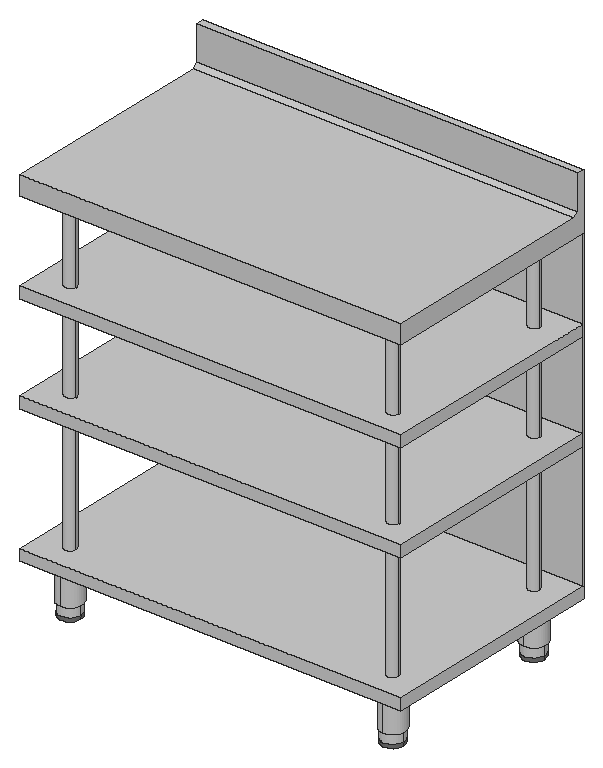
Revit family "QF_INFRICO_ME601000_250818112843", category Specialty Equipment, Revit 2021
Family settings
  Round Connector Dimension = Use Diameter
  Part Type = Normal
  OmniClass Number = 23.40.40.14
  OmniClass Title = Food Service Equipment
  Work Plane-Based = No
  Always vertical = Yes
  Cut with Voids When Loaded = No
  Shared = No
  Room Calculation Point = No
Parameters (values of type "ME601000")
  Weight [instance] = 44.00 kg
  Warranty Start Date [instance] = ""
  Warranty Duration [instance] = ""
  URL Recommended Spares List [instance] = ""
  URL Manufacturer [instance] = ""
  URL Cutsheet [instance] = ""
  URL Critical Spares List [instance] = ""
  URL = "www.infrico.com"
  Technical Documentation [instance] = ""
  Tag Number [instance] = ""
  Status [instance] = ""
  Specification by User [instance] = ""
  Specification by Manufacturer [instance] = ""
  Sound Level [instance] = ""
  Show Logo [instance] = yes
  Show Clearances [instance] = yes
  Service Life Duration [instance] = ""
  Serial Number [instance] = ""
  Seismic Rating [instance] = ""
  SMACNA No [instance] = ""
  Revision Code [instance] = ""
  Revision [instance] = ""
  Production Year [instance] = ""
  Point Load [instance] = 0
  Other Equipment Approvals [instance] = ""
  NAFEM Spec ID Number [instance] = ""
  Model Warning [instance] = ""
  Model = "ME601000"
  Masterspec [instance] = ""
  Manufacturer = "INFRICO"
  Length Actual [instance] = 1000 mm
  Item Number [instance] = ""
  Installed By [instance] = ""
  Installation Date [instance] = ""
  Identify Quantity as Lot [instance] = no
  ID [instance] = ""
  Hygiene Approval [instance] = ""
  Height Actual [instance] = 1050 mm
  Furnished By [instance] = ""
  Foodservice Equipment Identifier [instance] = no
  ETL Approved [instance] = no
  Description = "SHELF UNIT AND WORKING TABLE - ME SERIES"
  Depth Actual [instance] = 600 mm
  Default Elevation = 0 mm
  Cost = 0
  CSI MasterFormat [instance] = ""
  CE Approved [instance] = no
  Barcode [instance] = 0
  Author [instance] = ""
  Asset Identifier [instance] = ""
  Accessory [instance] = no
Reference planes
  plane 1 "Center (Front/Back)": y = 0
  plane 2: z = 0
  plane 3 "Center (Left/Right)": x = 0
Dimensions and locks
  aligned and locked: level to plane 2
Nested families
  nested 1: "QF_INFRICO_ME601000_2920" at (0, 0, 0), type "ME601000"
    with Weight 44.00 kg, Warranty Start Date "", Warranty Duration "", URL Cutsheet "", Technical Documentation "", Tag Number "", Status "", Specification by User "", Specification by Manufacturer "", Sound Level "", Solid Fuel Type "", Show Logo yes, Show Clearances yes, Show Clearance yes, Service Life Duration "", Serial Number "", Seismic Rating "", SMACNA No "", Revision Code "", Revision "", Production Year "", Point Load 0, Other Equipment Approvals "", NAFEM Spec ID Number "", Model Warning "", Masterspec "", Length Actual 1000 mm, Item Number "", Installed By "", Installation Date "", Identify Quantity as Lot yes, ID "", Hygiene Approval "", Height Actual 1050 mm, Furnished By "", Foodservice Equipment Identifier yes, ETL Approved yes, Depth Actual 600 mm, CSI MasterFormat "", CE Approved no, Barcode "", Author "", Asset Identifier "", Accessory no
  nested 2: "QF_INFRICO_WORKTOP_BACKSPLASH_3811" at (0, 0, 990), type "BKSP10_60"
    with Weight 0.00 kg, Warranty Start Date "", Warranty Duration "", URL Cutsheet "", Technical Documentation "", Tag Number "", Status "", Specification by User "", Specification by Manufacturer "", Sound Level "", Solid Fuel Type "", Show Logo yes, Show Clearances yes, Show Clearance yes, Service Life Duration "", Serial Number "", Seismic Rating "", SMACNA No "", Revision Code "", Revision "", Production Year "", Point Load 0, Other Equipment Approvals "", NAFEM Spec ID Number "", Model Warning "", Masterspec "", Length Actual 1000 mm, Item Number "", Installed By "", Installation Date "", Identify Quantity as Lot yes, ID "", Hygiene Approval "", Height Actual 150 mm, Furnished By "", Foodservice Equipment Identifier yes, ETL Approved yes, Depth Actual 600 mm, CSI MasterFormat "", CE Approved no, Barcode "", Author "", Asset Identifier "", Accessory yes
Definition of nested family "QF_INFRICO_ME601000_2920"
  Parameters (values of type "ME601000")
    Weight [instance] = 0.00 kg
    Warranty Start Date [instance] = ""
    Warranty Duration [instance] = ""
    URL Cutsheet [instance] = ""
    URL = "www.infrico.com"
    Technical Documentation [instance] = ""
    Tag Number [instance] = ""
    Status [instance] = ""
    Specification by User [instance] = ""
    Specification by Manufacturer [instance] = ""
    Sound Level [instance] = ""
    Solid Fuel Type [instance] = ""
    Show Logo [instance] = yes
    Show Clearances [instance] = yes
    Show Clearance [instance] = yes
    Service Life Duration [instance] = ""
    Serial Number [instance] = ""
    Seismic Rating [instance] = ""
    SMACNA No [instance] = ""
    Revision Code [instance] = ""
    Revision [instance] = ""
    Production Year [instance] = ""
    Point Load [instance] = 0
    Other Equipment Approvals [instance] = ""
    NAFEM Spec ID Number [instance] = ""
    Model Warning [instance] = ""
    Model = "ME601000"
    Masterspec [instance] = ""
    Manufacturer = "INFRICO"
    Length Actual [instance] = 0 mm
    Item Number [instance] = ""
    Installed By [instance] = ""
    Installation Date [instance] = ""
    Identify Quantity as Lot [instance] = yes
    ID [instance] = ""
    Hygiene Approval [instance] = ""
    Height Actual [instance] = 0 mm
    Furnished By [instance] = ""
    Foodservice Equipment Identifier [instance] = yes
    ETL Approved [instance] = yes
    Description = "SHELF UNIT AND WORKING TABLE - ME SERIES"
    Depth Actual [instance] = 0 mm
    Default Elevation = 0 mm
    CSI MasterFormat [instance] = ""
    CE Approved [instance] = yes
    Barcode [instance] = ""
    Author [instance] = ""
    Asset Identifier [instance] = ""
    Assembly Code = "E1090320"
    Accessory [instance] = yes
  Reference planes
    plane 1 "Back": y = 0
    plane 2: z = 0
    plane 3 "Left": x = 0
    plane 4 "Right": x = 1000
    plane 5 "Front": y = -600
    plane 6 "Top": z = 990
  Forms (mm)
    Extrusion 1, solid
      sketch origin (-1970.077, 409.342, 162.208) x (1, 0, 0) y (0, 1, 0)
        loop
          circle (2046.064, -477.342) r 15
      from -2.208 to 827.792
    Extrusion 2, solid
      sketch origin (-2000, 0, 130) x (0, 1, 0) y (0, 0, 1)
        loop
          line (0, 0) -> (0, 30) -> (-600, 30) -> (-600, 0) -> (0, 0)
      from 2000 to 3000
    Extrusion 3, solid
      sketch origin (-1122.064, 409.342, 162.208) x (1, 0, 0) y (0, 1, 0)
        loop
          circle (2046.064, -477.342) r 15
      from -2.208 to 827.792
    Extrusion 4, solid
      sketch origin (-1970.077, -53.658, 162.208) x (1, 0, 0) y (0, 1, 0)
        loop
          circle (2046.064, -477.342) r 15
      from -2.208 to 827.792
    Extrusion 5, solid
      sketch origin (-1122.064, -53.658, 162.208) x (1, 0, 0) y (0, 1, 0)
        loop
          circle (2046.064, -477.342) r 15
      from -2.208 to 827.792
    Extrusion 6, solid
      sketch origin (1144.499, 0, 130) x (0, 1, 0) y (0, 0, 1)
        loop
          line (0, 30) -> (0, 860) -> (-2, 860) -> (-2, 30) -> (0, 30)
      from -1144.499 to -144.499
    Extrusion 7, solid
      sketch origin (-123.986, 49, 130) x (0, 1, 0) y (-1, 0, 0)
        loop
          line (-530, -154.986) -> (-630, -154.986) -> (-630, -244.986) -> (-530, -244.986) -> (-530, -154.986)
      from 0 to -3
    Extrusion 8, solid
      sketch origin (-123.986, 49, 0) x (1, 0, 0) y (0, 1, 0)
        loop
          circle (199.986, -580) r 28
      from 9 to 35
    Extrusion 9, solid
      sketch origin (-123.986, 49, 0) x (1, 0, 0) y (0, 1, 0)
        loop
          circle (199.986, -580) r 28.5
      from 0 to 9
    Sweep 10, solid
      path origin (-123.986, 49, 0) x (0, 1, 0) y (0, 0, 1)
        loop
          line (-580, 35) -> (-580, 127)
      profile origin (-123.986, -531, 81) x (0, -1, 0) y (1, 0, 0)
        loop
          circle (0, 199.986) r 32
    Extrusion 11, solid
      sketch origin (-123.986, 512, 130) x (0, 1, 0) y (-1, 0, 0)
        loop
          line (-530, -154.986) -> (-630, -154.986) -> (-630, -244.986) -> (-530, -244.986) -> (-530, -154.986)
      from 0 to -3
    Extrusion 12, solid
      sketch origin (-123.986, 512, 0) x (1, 0, 0) y (0, 1, 0)
        loop
          circle (199.986, -580) r 28
      from 9 to 35
    Extrusion 13, solid
      sketch origin (-123.986, 512, 0) x (1, 0, 0) y (0, 1, 0)
        loop
          circle (199.986, -580) r 28.5
      from 0 to 9
    Sweep 14, solid
      path origin (-123.986, 512, 0) x (0, 1, 0) y (0, 0, 1)
        loop
          line (-580, 35) -> (-580, 127)
      profile origin (-123.986, -68, 81) x (0, -1, 0) y (1, 0, 0)
        loop
          circle (0, 199.986) r 32
    Extrusion 15, solid
      sketch origin (684.027, 49, 130) x (0, 1, 0) y (-1, 0, 0)
        loop
          line (-530, -194.986) -> (-630, -194.986) -> (-630, -284.986) -> (-530, -284.986) -> (-530, -194.986)
      from 0 to -3
    Extrusion 16, solid
      sketch origin (684.027, 49, 0) x (1, 0, 0) y (0, 1, 0)
        loop
          circle (239.986, -580) r 28
      from 9 to 35
    Extrusion 17, solid
      sketch origin (684.027, 49, 0) x (1, 0, 0) y (0, 1, 0)
        loop
          circle (239.986, -580) r 28.5
      from 0 to 9
    Sweep 18, solid
      path origin (1124.027, 49, 0) x (0, -1, 0) y (0, 0, 1)
        loop
          line (580, 35) -> (580, 127)
      profile origin (1124.027, -531, 81) x (0, 1, 0) y (-1, 0, 0)
        loop
          circle (0, 199.986) r 32
    Extrusion 19, solid
      sketch origin (684.027, 512, 130) x (0, 1, 0) y (-1, 0, 0)
        loop
          line (-530, -194.986) -> (-630, -194.986) -> (-630, -284.986) -> (-530, -284.986) -> (-530, -194.986)
      from 0 to -3
    Extrusion 20, solid
      sketch origin (684.027, 512, 0) x (1, 0, 0) y (0, 1, 0)
        loop
          circle (239.986, -580) r 28
      from 9 to 35
    Extrusion 21, solid
      sketch origin (684.027, 512, 0) x (1, 0, 0) y (0, 1, 0)
        loop
          circle (239.986, -580) r 28.5
      from 0 to 9
    Sweep 22, solid
      path origin (1124.027, 12, 0) x (0, -1, 0) y (0, 0, 1)
        loop
          line (80, 35) -> (80, 127)
      profile origin (1124.027, -68, 81) x (0, 1, 0) y (-1, 0, 0)
        loop
          circle (0, 199.986) r 32
    Extrusion 23, solid
      sketch origin (-2000, 0, 490) x (0, 1, 0) y (0, 0, 1)
        loop
          line (0, 0) -> (0, 30) -> (-600, 30) -> (-600, 0) -> (0, 0)
      from 2000 to 3000
    Extrusion 24, solid
      sketch origin (-2000, 0, 748) x (0, 1, 0) y (0, 0, 1)
        loop
          line (0, 0) -> (0, 30) -> (-600, 30) -> (-600, 0) -> (0, 0)
      from 2000 to 3000
  Lines and regions (mm)
    symbolic lines
      curve 1: line (0, 0, 0) -> (0, -600, 0)
      curve 2: line (0, -600, 0) -> (1000, -600, 0)
      curve 3: line (1000, -600, 0) -> (1000, 0, 0)
      curve 4: line (1000, 0, 0) -> (0, 0, 0)
  Dimensions and locks
    plane 3 "Left" to plane 4 "Right" = 1000 mm
    plane 1 "Back" to plane 5 "Front" = 600 mm  (x2)
    plane 4 "Right" to plane 3 "Left" = 1000 mm
    plane 6 "Top" to level = 990 mm  (x2)
    aligned and locked: level to plane 2
Definition of nested family "QF_INFRICO_WORKTOP_BACKSPLASH_3811"
  Parameters (values of type "ENC12CPMC10")
    Weight [instance] = 0.00 kg
    Warranty Start Date [instance] = ""
    Warranty Duration [instance] = ""
    URL Cutsheet [instance] = ""
    URL = "www.infrico.com"
    Technical Documentation [instance] = ""
    Tag Number [instance] = ""
    Status [instance] = ""
    Specification by User [instance] = ""
    Specification by Manufacturer [instance] = ""
    Sound Level [instance] = ""
    Solid Fuel Type [instance] = ""
    Show Logo [instance] = yes
    Show Clearances [instance] = yes
    Show Clearance [instance] = yes
    Service Life Duration [instance] = ""
    Serial Number [instance] = ""
    Seismic Rating [instance] = ""
    SMACNA No [instance] = ""
    Revision Code [instance] = ""
    Revision [instance] = ""
    Production Year [instance] = ""
    Point Load [instance] = 0
    Other Equipment Approvals [instance] = ""
    NAFEM Spec ID Number [instance] = ""
    Model Warning [instance] = ""
    Model = "ENC12CPGN19"
    Masterspec [instance] = ""
    Manufacturer = "INFRICO"
    Length Actual [instance] = 0 mm
    Length = 1000 mm
    Item Number [instance] = ""
    Installed By [instance] = ""
    Installation Date [instance] = ""
    Identify Quantity as Lot [instance] = yes
    ID [instance] = ""
    Hygiene Approval [instance] = ""
    Height Actual [instance] = 0 mm
    Furnished By [instance] = ""
    Foodservice Equipment Identifier [instance] = yes
    ETL Approved [instance] = yes
    Description = "WORKTOP WITH BACKSPLASH"
    Depth Actual [instance] = 0 mm
    Depth = 600 mm
    Default Elevation = 0 mm
    CSI MasterFormat [instance] = ""
    CE Approved [instance] = yes
    Barcode [instance] = ""
    Author [instance] = ""
    Asset Identifier [instance] = ""
    Assembly Code = "E1090320"
    Accessory [instance] = yes
  Types (30, lengths in mm): name | Model | Length | Description | Depth
    ENC12CPGN19 | "ENC12CPGN19" | 1960 | "WORKTOP WITH BACKSPLASH" | 700
    ENC12CPGN14 | "ENC12CPGN14" | 1468 | "WORKTOP WITH BACKSPLASH" | 700
    ENC12CPGN24 | "ENC12CPGN24" | 2452 | "WORKTOP WITH BACKSPLASH" | 700
    ENC12CPGN14R | "ENC12CPGN14R" | 1160 | "WORKTOP WITH BACKSPLASH" | 700
    ENC12CPGN19R | "ENC12CPGN19R" | 1652 | "WORKTOP WITH BACKSPLASH" | 700
    ENC12CPGN24R | "ENC12CPGN24R" | 2144 | "WORKTOP WITH BACKSPLASH" | 700
    ENC12CPBM20 | "ENC12CPBM20" | 1960 | "WORKTOP WITH BACKSPLASH" | 600
    ENC12CPBM15 | "ENC12CPBM15" | 1468 | "WORKTOP WITH BACKSPLASH" | 600
    ENC12CPBM25 | "ENC12CPBM25" | 2452 | "WORKTOP WITH BACKSPLASH" | 600
    ENC12CPBM15R | "ENC12CPBM15R" | 1160 | "WORKTOP WITH BACKSPLASH" | 600
    ENC12CPBM20R | "ENC12CPBM20R" | 1652 | "WORKTOP WITH BACKSPLASH" | 600
    ENC12CPBM25R | "ENC12CPBM25R" | 2144 | "WORKTOP WITH BACKSPLASH" | 600
    ENC12CPME10 | "ENC12CPME10" | 978 | "WORKTOP WITH BACKSPLASH" | 700
    ENC12CPME14 | "ENC12CPME14" | 1460 | "WORKTOP WITH BACKSPLASH" | 700
    ENC12CPMC8 | "ENC12CPGN19" | 820 | "WORKTOP WITH BACKSPLASH" | 600
    ENC12CPMC10 | "ENC12CPGN19" | 1000 | "WORKTOP WITH BACKSPLASH" | 600
    ENC12CPMC15 | "ENC12CPGN19" | 1468 | "WORKTOP WITH BACKSPLASH" | 600
    BKSP10_30 | "BKSP10_30" | 1000 | "WORKTOP WITH BACKSPLASH 1000_300" | 300
    BKSP15_60 | "BKSP15_60" | 1468 | "WORKTOP WITH BACKSPLASH 1500_600" | 600
    BKSP15_30 | "BKSP15_30" | 1468 | "WORKTOP WITH BACKSPLASH 1500_300" | 300
    BKSP20_30 | "BKSP20_30" | 1960 | "WORKTOP WITH BACKSPLASH 2000_300" | 300
    BKSP20_60 | "BKSP20_60" | 1960 | "WORKTOP WITH BACKSPLASH 2000_600" | 600
    BKSP10_60 | "BKSP10_60" | 1000 | "WORKTOP WITH BACKSPLASH 1000_600" | 600
    BKSP10_70_MT | "BKSP10_70_MT" | 1000 | "WORKTOP WITH BACKSPLASH 1000_700" | 700
    BKSP15_60_MT | "BKSP15_60_MT" | 1500 | "WORKTOP WITH BACKSPLASH 1500_600" | 600
    BKSP15_70_MT | "BKSP15_70_MT" | 1500 | "WORKTOP WITH BACKSPLASH 1500_700" | 700
    BKSP20_60_MT | "BKSP20_60_MT" | 2000 | "WORKTOP WITH BACKSPLASH 2000_600" | 600
    BKSP20_70_MT | "BKSP20_70_MT" | 2000 | "WORKTOP WITH BACKSPLASH 2000_700" | 700
    BKSP25_30 | "BKSP25_30" | 2452 | "WORKTOP WITH BACKSPLASH 2500_300" | 300
    BKSP25_60 | "BKSP25_60" | 2452 | "WORKTOP WITH BACKSPLASH 2500_600" | 600
  Reference planes
    plane 1 "Back": y = 0
    plane 2: z = 0
    plane 3 "Left": x = 0
    plane 4 "Right": x = 1000
    plane 5 "Front": y = -600
    plane 6 "Top": z = 150.03
  Forms (mm)
    Extrusion 1, solid
      sketch origin (0, 0, -660) x (0, 1, 0) y (0, 0, 1)
        loop
          line (0, 660) -> (0, 810.03) -> (-20, 810.03) -> (-20, 720.071) -> (-30.071, 710) -> (-600, 710) -> (-600, 660) -> (0, 660)
      from 0 to 1000
  Lines and regions (mm)
    symbolic lines
      curve 1: line (0, -600, 0) -> (1000, -600, 0)
      curve 2: line (0, 0, 0) -> (0, -600, 0)
      curve 3: line (1000, -600, 0) -> (1000, 0, 0)
      curve 4: line (1000, 0, 0) -> (0, 0, 0)
      curve 5: line (0, -20, 0) -> (1000, -20, 0)
  Dimensions and locks
    plane 6 "Top" to level = 150.03 mm
    plane 4 "Right" to plane 3 "Left" = 1000 mm
    "Length": plane 3 "Left" to plane 4 "Right"
    "Depth": plane 5 "Front" to plane 1 "Back"
    aligned and locked: level to plane 2
    aligned and locked: Extrusion 1 to plane 4 "Right"
  Automatic sketch dimensions
    curve 1 to plane 3 "Left" = 0 mm
    plane 1 "Back" to curve 4 = 0 mm
    curve 4 to plane 4 "Right" = 0 mm
    curve 1 to plane 5 "Front" = 0 mm
    plane 1 "Back" to curve 5 = 20 mm
    Extrusion 1 sketch curve to level = 0 mm
    Extrusion 1 sketch curve to plane 5 "Front" = 0 mm
    Extrusion 1 sketch curve to plane 6 "Top" = 0 mm
    Extrusion 1 sketch curve to plane 1 "Back" = 0 mm
    plane 1 "Back" to Extrusion 1 sketch curve = 30.071 mm
    Extrusion 1 sketch curve to Extrusion 1 sketch curve = 10.071 mm  (x2)
    level to Extrusion 1 sketch curve = 50 mm
